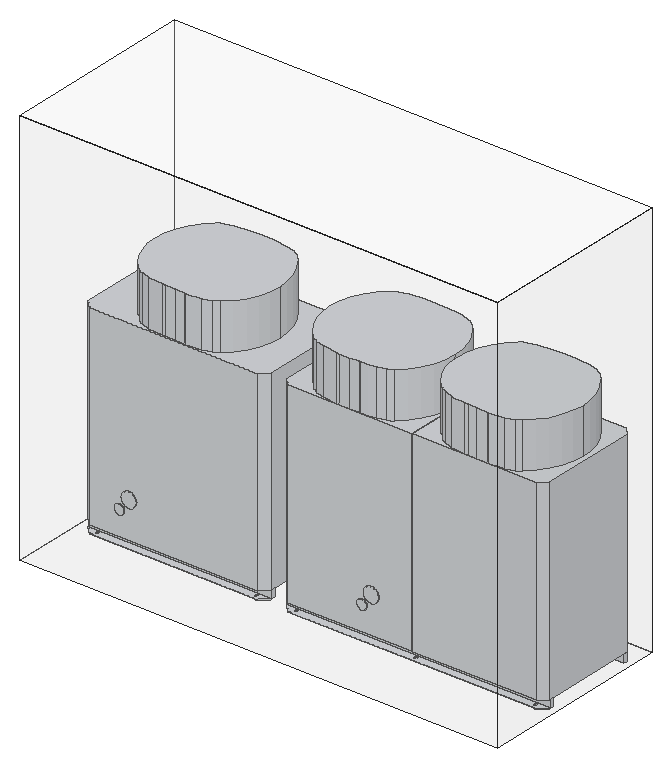
Revit family "pury-sep224_500(s)dmg9_50Hz", category 機械設備, Revit 2019 (continued)
Definition of nested family "筐体モジュール（R2高効率）"
  Dimensions and locks
    aligned and locked: plane 12 "本体下部" to Extrusion 9
    aligned and locked: plane 12 "本体下部" to Extrusion 10
    aligned and locked: Extrusion 9 to Extrusion 10
    aligned and locked: Extrusion 9 to Extrusion 8
    aligned and locked: plane 23 "冷媒操作弁ガス芯1" to Extrusion 10 sketch curve
    aligned and locked: plane 21 to Extrusion 8 sketch curve
    aligned and locked: plane 22 "冷媒操作弁液芯1" to Extrusion 9 sketch curve
    aligned and locked: plane 28 to Extrusion 10 sketch curve
    aligned and locked: plane 29 to Extrusion 9 sketch curve
    aligned and locked: plane 24 "冷媒管高さ" to Extrusion 6 sketch curve
    aligned and locked: plane 21 to Extrusion 6 sketch curve
    aligned and locked: plane 31 to Extrusion 8 sketch curve
    aligned and locked: curve 301 to Extrusion 1
    aligned and locked: curve 302 to Extrusion 1
    aligned and locked: curve 303 to Extrusion 1
    aligned and locked: curve 304 to Extrusion 1
    aligned and locked: curve 305 to Extrusion 1
    aligned and locked: curve 306 to Extrusion 1
    aligned and locked: curve 307 to Extrusion 1
    aligned and locked: curve 308 to Extrusion 1
    aligned and locked: curve 309 to Extrusion 7
    aligned and locked: curve 310 to Extrusion 7
    aligned and locked: curve 311 to Extrusion 7
    aligned and locked: curve 312 to Extrusion 7
    aligned and locked: curve 313 to Extrusion 7
    aligned and locked: curve 314 to Extrusion 7
    aligned and locked: curve 315 to Extrusion 7
    aligned and locked: curve 316 to Extrusion 7
    aligned and locked: curve 317 to Extrusion 7
    aligned and locked: curve 318 to Extrusion 7
    aligned and locked: curve 319 to Extrusion 7
    aligned and locked: curve 320 to Extrusion 7
    aligned and locked: curve 321 to Extrusion 7
    aligned and locked: curve 322 to Extrusion 7
    aligned and locked: curve 323 to Extrusion 7
    aligned and locked: curve 324 to Extrusion 7
    aligned and locked: curve 325 to Extrusion 7
    aligned and locked: curve 326 to Extrusion 7
    aligned and locked: curve 327 to Extrusion 7
    aligned and locked: curve 328 to Extrusion 7
    aligned and locked: curve 329 to Extrusion 7
    aligned and locked: curve 330 to Extrusion 7
    aligned and locked: plane 17 to nested 1
    aligned and locked: nested 1 to plane 18
    aligned and locked: nested 1 to plane 16
    aligned and locked: nested 1 to plane 19
    aligned and locked: Masking region 1 sketch curve to curve 301
    aligned and locked: Masking region 1 sketch curve to curve 302
    aligned and locked: Masking region 1 sketch curve to curve 303
    aligned and locked: Masking region 1 sketch curve to curve 304
    aligned and locked: Masking region 1 sketch curve to curve 305
    aligned and locked: Masking region 1 sketch curve to curve 306
    aligned and locked: Masking region 1 sketch curve to curve 307
    aligned and locked: Masking region 1 sketch curve to curve 308
  Automatic sketch dimensions
    Extrusion 1 sketch curve to plane 7 = 0 mm
    plane 6 to Extrusion 1 sketch curve = 0 mm
    plane 4 to Extrusion 1 sketch curve = 0 mm
    Extrusion 1 sketch curve to plane 5 = 0 mm
    plane 10 to Extrusion 1 sketch curve = 5.843 mm  (x2)
    plane 14 to Extrusion 1 sketch curve = 5.843 mm  (x2)
    Extrusion 3 sketch curve to plane 7 = 0 mm
    Extrusion 3 sketch curve to plane 5 = 0 mm
    Extrusion 3 sketch curve to plane 14 = 0 mm
    Extrusion 3 sketch curve to plane 15 = 0 mm
    Extrusion 4 sketch curve to plane 7 = 0 mm
    plane 6 to Extrusion 4 sketch curve = 0 mm
    Extrusion 4 sketch curve to plane 17 = 0 mm
    Extrusion 4 sketch curve to plane 18 = 0 mm
    Extrusion 4 sketch curve to plane 5 = 0 mm
    Extrusion 4 sketch curve to plane 14 = 0 mm
    Extrusion 4 sketch curve to plane 16 = 3 mm  (x2)
    plane 17 to Extrusion 4 sketch curve = 7 mm
    Extrusion 4 sketch curve to plane 18 = 7 mm
    plane 16 to Extrusion 4 sketch curve = 3 mm  (x2)
    Extrusion 5 sketch curve to plane 7 = 0 mm
    plane 4 to Extrusion 5 sketch curve = 0 mm
    Extrusion 5 sketch curve to plane 17 = 0 mm
    Extrusion 5 sketch curve to plane 18 = 0 mm
    Extrusion 5 sketch curve to plane 5 = 0 mm
    plane 10 to Extrusion 5 sketch curve = 0 mm
    plane 19 to Extrusion 5 sketch curve = 3 mm  (x2)
    Extrusion 5 sketch curve to plane 17 = 7 mm
    plane 18 to Extrusion 5 sketch curve = 7 mm
    Extrusion 5 sketch curve to plane 19 = 3 mm  (x2)
    plane 10 to Extrusion 5 sketch curve = 5.843 mm  (x2)
    Extrusion 1 sketch curve to plane 17 = 28.343 mm  (x2)
    Extrusion 5 sketch curve to plane 17 = 28.343 mm
    Extrusion 1 sketch curve to plane 18 = 28.343 mm  (x2)
    Extrusion 5 sketch curve to plane 18 = 28.343 mm
    Extrusion 7 sketch curve to Extrusion 7 sketch curve = 0 mm  (x3)
    plane 1 "中心(正面/背面)" to Extrusion 7 sketch curve = 0 mm  (x2)
    Extrusion 7 sketch curve to plane 3 "中心(左/右)" = 0 mm  (x3)
    Extrusion 7 sketch curve to plane 4 = 6.858 mm
    Extrusion 7 sketch curve to plane 3 "中心(左/右)" = 64.372 mm
    Extrusion 7 sketch curve to plane 3 "中心(左/右)" = 74.399 mm
    plane 6 to Extrusion 7 sketch curve = 6.633 mm
    Extrusion 7 sketch curve to plane 3 "中心(左/右)" = 79.445 mm
    Extrusion 7 sketch curve to plane 3 "中心(左/右)" = 80.998 mm  (x2)
    Extrusion 7 sketch curve to Extrusion 7 sketch curve = 64.372 mm
    plane 3 "中心(左/右)" to Extrusion 7 sketch curve = 74.399 mm
    Extrusion 7 sketch curve to Extrusion 7 sketch curve = 79.445 mm
    plane 3 "中心(左/右)" to Extrusion 7 sketch curve = 80.998 mm  (x2)
    Extrusion 7 sketch curve to Extrusion 7 sketch curve = 32.763 mm  (x4)
    Extrusion 7 sketch curve to Extrusion 7 sketch curve = 86.775 mm
    Extrusion 7 sketch curve to Extrusion 7 sketch curve = 93.374 mm  (x2)
    Extrusion 7 sketch curve to Extrusion 7 sketch curve = 91.232 mm  (x2)
    plane 1 "中心(正面/背面)" to Extrusion 7 sketch curve = 51.367 mm  (x2)
    Extrusion 7 sketch curve to plane 1 "中心(正面/背面)" = 51.367 mm  (x2)
    Extrusion 7 sketch curve to Extrusion 7 sketch curve = 53.692 mm  (x2)
    Extrusion 7 sketch curve to Extrusion 7 sketch curve = 75.129 mm
    Extrusion 7 sketch curve to Extrusion 7 sketch curve = 101.551 mm
    Extrusion 7 sketch curve to plane 4 = 6.633 mm  (x2)
    Extrusion 7 sketch curve to plane 19 = 4.226 mm  (x2)
    Extrusion 7 sketch curve to plane 16 = 4.226 mm  (x2)
    plane 14 to Extrusion 7 sketch curve = 3.106 mm
    plane 16 to Extrusion 7 sketch curve = 13.101 mm  (x2)
    plane 19 to Extrusion 7 sketch curve = 13.101 mm  (x2)
    plane 10 to Extrusion 7 sketch curve = 3.106 mm
    Extrusion 7 sketch curve to Extrusion 7 sketch curve = 101.697 mm
    Extrusion 7 sketch curve to Extrusion 7 sketch curve = 16.103 mm  (x2)
    Extrusion 7 sketch curve to plane 11 = 96.709 mm
    curve 326 to plane 3 "中心(左/右)" = 0 mm
    curve 315 to plane 3 "中心(左/右)" = 0 mm
  Nested families
    nested 1: "固定点" at (-530, -340.5, 0), visible <- "ユニット234X", type "固定点", detail levels fine
      with W 1060 mm, D 681 mm
  Definition of nested family "固定点"
    Parameters (values of type "固定点")
      中心円 = 20 mm
      W [instance] = 1000 mm
      D [instance] = 1000 mm
    Reference planes
      plane 1 "中心(正面/背面)": y = 0
      plane 2: z = 0
      plane 3 "中心(左/右)": x = 0
      plane 4: x = 1000
      plane 5: y = 1000
    Lines and regions (mm)
      symbolic lines, detail levels fine
        curve 1: circle (0, 1000, 0) r 10 normal (0, 0, 1)
        curve 2: circle (0, 0, 0) r 10 normal (0, 0, 1)
        curve 3: circle (1000, 1000, 0) r 10 normal (0, 0, 1)
        curve 4: circle (1000, 0, 0) r 10 normal (0, 0, 1)
        curve 5: line (-200, 1000, 0) -> (1200, 1000, 0)
        curve 6: line (-200, 0, 0) -> (1200, 0, 0)
        curve 7: line (0, 1200, 0) -> (0, -200, 0)
        curve 8: line (1000, 1200, 0) -> (1000, -200, 0)
    Dimensions and locks
      "W": plane 3 "中心(左/右)" to plane 4
      "D": plane 1 "中心(正面/背面)" to plane 5
      "中心円": diameter of curve 1
      "中心円": diameter of curve 2
      "中心円": diameter of curve 3
      "中心円": diameter of curve 4
      aligned and locked: level to plane 2
      aligned and locked: plane 5 to curve 1
      aligned and locked: plane 3 "中心(左/右)" to curve 1
      aligned and locked: plane 3 "中心(左/右)" to curve 2
      aligned and locked: plane 1 "中心(正面/背面)" to curve 2
      aligned and locked: plane 4 to curve 3
      aligned and locked: plane 5 to curve 3
      aligned and locked: plane 1 "中心(正面/背面)" to curve 4
      aligned and locked: plane 4 to curve 4
      aligned and locked: plane 1 "中心(正面/背面)" to curve 6
      aligned and locked: curve 7 to plane 3 "中心(左/右)"
      aligned and locked: curve 8 to plane 4
    Automatic sketch dimensions
      curve 5 to plane 5 = 0 mm
      curve 6 to plane 3 "中心(左/右)" = 200 mm
      curve 5 to plane 3 "中心(左/右)" = 200 mm
      curve 4 to curve 6 = 200 mm
      curve 3 to curve 5 = 200 mm
      plane 1 "中心(正面/背面)" to curve 8 = 200 mm
      plane 1 "中心(正面/背面)" to curve 7 = 200 mm
      curve 3 to curve 8 = 200 mm
      curve 1 to curve 7 = 200 mm
Definition of nested family "outline"
  Parameters (values of type "outline_S")
    ユニット4X [instance] = and(ユニット2, Width = 1750 mm)  # no
    ユニット2 [instance] = yes
    Width [instance] = 920 mm
    W = 920 mm
    Height [instance] = 1650 mm
    Depth [instance] = 740 mm
  Types (3, lengths in mm): name | ユニット4X | Width | W
    outline_S | no | 920 | 920
    outline_XL | yes | 1750 | 1750
    outline_L | no | 1220 | 1220
  Reference planes
    plane 1 "中心(正面/背面)": y = 0
    plane 2: z = 0
    plane 3 "中心(左/右)": x = 0
    plane 4: y = -370
    plane 5: y = 370
    plane 6: x = -460
    plane 7: z = 1347
    plane 8: z = 1650
    plane 9 "本体下部": z = 54
    plane 10: y = 370
    plane 11 "電源高さ": z = 262
    plane 12 "冷媒管高さ": z = 262
    plane 13 "冷媒操作弁ガス芯4": z = 53
    plane 14: x = 460
    plane 15: x = -875
    plane 16: x = 875
    plane 17: z = 262
  Forms (mm)
    Extrusion 1, solid, visible <- "ユニット2", detail levels coarse+medium
      sketch origin (0, 0, 0) x (1, 0, 0) y (0, 1, 0)
        loop
          line (-460, 370) -> (-460, -370) -> (460, -370) -> (460, 370) -> (-460, 370)
      from 0 to 1650
  Lines and regions (mm)
    model lines, visible <- "ユニット4X", not visible, detail levels fine
      curve 1: line (460, 178.667, 1289.179) -> (460, 297.73, 1289.179)
      curve 2: line (460, 178.667, 1056.056) -> (460, 178.667, 1289.179)
      curve 3: line (460, 297.73, 1056.056) -> (460, 178.667, 1056.056)
      curve 4: line (460, 297.73, 1289.179) -> (460, 297.73, 1056.056)
      curve 5: line (460, 47.598, 1289.179) -> (460, 166.661, 1289.179)
      curve 6: line (460, 47.598, 1056.056) -> (460, 47.598, 1289.179)
      curve 7: line (460, 166.661, 1056.056) -> (460, 47.598, 1056.056)
      curve 8: line (460, 166.661, 1289.179) -> (460, 166.661, 1056.056)
      curve 9: line (460, -83.471, 1289.179) -> (460, 35.592, 1289.179)
      curve 10: line (460, -83.471, 1056.056) -> (460, -83.471, 1289.179)
      curve 11: line (460, 35.592, 1056.056) -> (460, -83.471, 1056.056)
      curve 12: line (460, 35.592, 1289.179) -> (460, 35.592, 1056.056)
      curve 13: line (460, -150.779, 1289.179) -> (460, -95.75, 1289.179)
      curve 14: line (460, -150.779, 1056.056) -> (460, -150.779, 1289.179)
      curve 15: line (460, -95.75, 1056.056) -> (460, -150.779, 1056.056)
      curve 16: line (460, -95.75, 1289.179) -> (460, -95.75, 1056.056)
      curve 17: line (460, -150.779, 1283.175) -> (460, -132.596, 1283.175)
      curve 18: line (460, -150.779, 1062.059) -> (460, -150.779, 1283.175)
      curve 19: line (460, -132.596, 1062.059) -> (460, -150.779, 1062.059)
      curve 20: line (460, -132.596, 1283.175) -> (460, -132.596, 1062.059)
      curve 21: line (460, 178.667, 1046.051) -> (460, 297.73, 1046.051)
      curve 22: line (460, 178.667, 812.928) -> (460, 178.667, 1046.051)
      curve 23: line (460, 297.73, 812.928) -> (460, 178.667, 812.928)
      curve 24: line (460, 297.73, 1046.051) -> (460, 297.73, 812.928)
      curve 25: line (460, 47.598, 1046.051) -> (460, 166.661, 1046.051)
      curve 26: line (460, 47.598, 812.928) -> (460, 47.598, 1046.051)
      curve 27: line (460, 166.661, 812.928) -> (460, 47.598, 812.928)
      curve 28: line (460, 166.661, 1046.051) -> (460, 166.661, 812.928)
      curve 29: line (460, -83.471, 1046.051) -> (460, 35.592, 1046.051)
      curve 30: line (460, -83.471, 812.928) -> (460, -83.471, 1046.051)
      curve 31: line (460, 35.592, 812.928) -> (460, -83.471, 812.928)
      curve 32: line (460, 35.592, 1046.051) -> (460, 35.592, 812.928)
      curve 33: line (460, -150.779, 1046.051) -> (460, -95.75, 1046.051)
      curve 34: line (460, -150.779, 812.928) -> (460, -150.779, 1046.051)
      curve 35: line (460, -95.75, 812.928) -> (460, -150.779, 812.928)
      curve 36: line (460, -95.75, 1046.051) -> (460, -95.75, 812.928)
      curve 37: line (460, -150.779, 1040.048) -> (460, -132.596, 1040.048)
      curve 38: line (460, -150.779, 818.931) -> (460, -150.779, 1040.048)
      curve 39: line (460, -132.596, 818.931) -> (460, -150.779, 818.931)
      curve 40: line (460, -132.596, 1040.048) -> (460, -132.596, 818.931)
      curve 41: line (460, 178.667, 802.923) -> (460, 297.73, 802.923)
      curve 42: line (460, 178.667, 569.8) -> (460, 178.667, 802.923)
      curve 43: line (460, 297.73, 569.8) -> (460, 178.667, 569.8)
      curve 44: line (460, 297.73, 802.923) -> (460, 297.73, 569.8)
      curve 45: line (460, 47.598, 802.923) -> (460, 166.661, 802.923)
      curve 46: line (460, 47.598, 569.8) -> (460, 47.598, 802.923)
      curve 47: line (460, 166.661, 569.8) -> (460, 47.598, 569.8)
      curve 48: line (460, 166.661, 802.923) -> (460, 166.661, 569.8)
      curve 49: line (460, -83.471, 802.923) -> (460, 35.592, 802.923)
      curve 50: line (460, -83.471, 569.8) -> (460, -83.471, 802.923)
      curve 51: line (460, 35.592, 569.8) -> (460, -83.471, 569.8)
      curve 52: line (460, 35.592, 802.923) -> (460, 35.592, 569.8)
      curve 53: line (460, -150.779, 802.923) -> (460, -95.75, 802.923)
      curve 54: line (460, -150.779, 569.8) -> (460, -150.779, 802.923)
      curve 55: line (460, -95.75, 569.8) -> (460, -150.779, 569.8)
      curve 56: line (460, -95.75, 802.923) -> (460, -95.75, 569.8)
      curve 57: line (460, -150.779, 796.92) -> (460, -132.596, 796.92)
      curve 58: line (460, -150.779, 575.803) -> (460, -150.779, 796.92)
      curve 59: line (460, -132.596, 575.803) -> (460, -150.779, 575.803)
      curve 60: line (460, -132.596, 796.92) -> (460, -132.596, 575.803)
      curve 61: line (460, 178.667, 559.795) -> (460, 297.73, 559.795)
      curve 62: line (460, 178.667, 326.672) -> (460, 178.667, 559.795)
      curve 63: line (460, 297.73, 326.672) -> (460, 178.667, 326.672)
      curve 64: line (460, 297.73, 559.795) -> (460, 297.73, 326.672)
      curve 65: line (460, 47.598, 559.795) -> (460, 166.661, 559.795)
      curve 66: line (460, 47.598, 326.672) -> (460, 47.598, 559.795)
      curve 67: line (460, 166.661, 326.672) -> (460, 47.598, 326.672)
      curve 68: line (460, 166.661, 559.795) -> (460, 166.661, 326.672)
      curve 69: line (460, -83.471, 559.795) -> (460, 35.592, 559.795)
      curve 70: line (460, -83.471, 326.672) -> (460, -83.471, 559.795)
      curve 71: line (460, 35.592, 326.672) -> (460, -83.471, 326.672)
      curve 72: line (460, 35.592, 559.795) -> (460, 35.592, 326.672)
      curve 73: line (460, -150.779, 559.795) -> (460, -95.75, 559.795)
      curve 74: line (460, -150.779, 326.672) -> (460, -150.779, 559.795)
      curve 75: line (460, -95.75, 326.672) -> (460, -150.779, 326.672)
      curve 76: line (460, -95.75, 559.795) -> (460, -95.75, 326.672)
      curve 77: line (460, -150.779, 553.792) -> (460, -132.596, 553.792)
      curve 78: line (460, -150.779, 332.675) -> (460, -150.779, 553.792)
      curve 79: line (460, -132.596, 332.675) -> (460, -150.779, 332.675)
      curve 80: line (460, -132.596, 553.792) -> (460, -132.596, 332.675)
      curve 81: line (460, 178.667, 316.667) -> (460, 297.73, 316.667)
      curve 82: line (460, 178.667, 83.544) -> (460, 178.667, 316.667)
      curve 83: line (460, 297.73, 83.544) -> (460, 178.667, 83.544)
      curve 84: line (460, 297.73, 316.667) -> (460, 297.73, 83.544)
      curve 85: line (460, 47.598, 316.667) -> (460, 166.661, 316.667)
      curve 86: line (460, 47.598, 83.544) -> (460, 47.598, 316.667)
      curve 87: line (460, 166.661, 83.544) -> (460, 47.598, 83.544)
      curve 88: line (460, 166.661, 316.667) -> (460, 166.661, 83.544)
      curve 89: line (460, -83.471, 316.667) -> (460, 35.592, 316.667)
      curve 90: line (460, -83.471, 83.544) -> (460, -83.471, 316.667)
      curve 91: line (460, 35.592, 83.544) -> (460, -83.471, 83.544)
      curve 92: line (460, 35.592, 316.667) -> (460, 35.592, 83.544)
      curve 93: line (460, -150.779, 316.667) -> (460, -95.75, 316.667)
      curve 94: line (460, -150.779, 83.544) -> (460, -150.779, 316.667)
      curve 95: line (460, -95.75, 83.544) -> (460, -150.779, 83.544)
      curve 96: line (460, -95.75, 316.667) -> (460, -95.75, 83.544)
      curve 97: line (460, -150.779, 310.664) -> (460, -132.596, 310.664)
      curve 98: line (460, -150.779, 89.547) -> (460, -150.779, 310.664)
      curve 99: line (460, -132.596, 89.547) -> (460, -150.779, 89.547)
      curve 100: line (460, -132.596, 310.664) -> (460, -132.596, 89.547)
  Dimensions and locks
    "Depth": plane 4 to plane 5
    equal spacing: plane 4, plane 1 "中心(正面/背面)", plane 5
    "W": plane 6 to plane 14
    locked: plane 9 "本体下部" to plane 2 at 54
    plane 4 to plane 10 = 740 mm
    plane 11 "電源高さ" to level = 262 mm
    plane 8 to plane 7 = 303 mm
    plane 7 to plane 2 = 1347 mm
    "Height": plane 8 to plane 2
    level to plane 12 "冷媒管高さ" = 262 mm
    locked: plane 9 "本体下部" to plane 13 "冷媒操作弁ガス芯4" at 1
    equal spacing: plane 6, plane 3 "中心(左/右)", plane 14
    plane 17 to level = 262 mm
  Automatic sketch dimensions
    plane 4 to Extrusion 1 sketch curve = 0 mm
    Extrusion 1 sketch curve to plane 6 = 0 mm
    Extrusion 1 sketch curve to plane 14 = 0 mm
    plane 5 to Extrusion 1 sketch curve = 0 mm
Types (14, lengths in mm): name | 風量（m3／min） | 風量 | 音響パワーレベル(dB) | 電源位置2X（ユニット3） | 電源位置2X（ユニット2） | 電源位置2X（ユニット1） | 電源位置1X（ユニット3） | 電源位置1X（ユニット2） | 電源位置1X（ユニット1） | 電動機出力_送風機 | 電動機出力_圧縮機 | 質量 | 製品質量 | 消費電力_暖房 | 消費電力_冷房 | 消費電力 | 最小電線太さ_mm2 | 最大電流値 | 暖房能力 | 推奨ブレーカー容量 | 冷房能力 | 冷媒管（液）位置1 (ユニット3） | 冷媒管（液）位置1 (ユニット1) | 冷媒管（液）位置1 (ユニット2） | 冷媒管径符号 | 冷媒管位置1 (ユニット2) | 冷媒管位置1 (ユニット3) | 冷媒管位置1 (ユニット1) | 冷媒液管径3 | 冷媒液管径2 | 冷媒液管径 | 冷媒ガス管径3 | 冷媒ガス管径2 | 冷媒ガス管径 | ユニット隙間 | ユニット数 | ユニットタイプ3 | ユニットタイプ2 | ユニットタイプ1 | ユニット2 | モデル | サービススペース_タイプA | アンカーボルト位置X（ユニット3） | アンカーボルト位置X（ユニット2） | アンカーボルト位置X（ユニット1） | Width3 | Width2 | Width1 | Width | URL | OUTLINE2 | OUTLINE1 | MAX風量 | Clearance Right | Clearance Left | Clearance Back
  PURY-SEP224DMG9_タイプA | 200 | 12000.0 m³/h | 79.5 | 227 | 227 | 227 | 251 | 251 | 251 | 0.92 kW | 4.3 kW | 284.40 kg | 237.00 kg | 6.07 kW | 6.02 kW | 6.07 kW | 22 | 43.2 A | 25 kW | 50 A | 22.4 kW | 244 | 244 | 244 | "De" | 314 | 314 | 314 | 15.88 | 15.88 | 15.88 | 19.05 | 19.05 | 19.05 | 30 | 1 | 筐体モジュール（R2高効率） : 224筐体 | 筐体モジュール（R2高効率） : 224筐体 | 筐体モジュール（R2高効率） : 224筐体 | no | "PURY-SEP224DMG9" | yes | 1060 | 1060 | 1060 | 1220 | 1220 | 1220 | 1220 | "https://www.mitsubishielectric.co.jp/ldg/wink/qr/002/331954/" | outline : outline_L | outline : outline_L | 12000.0 m³/h | 15 | 15 | 300
  PURY-SEP280SDMG9_タイプA | 370 | 22200.0 m³/h | 83 | 177 | 177 | 177 | 201 | 201 | 201 | 1.84 kW | 5.6 kW | 475.20 kg | 396.00 kg | 8.4 kW | 8.5 kW | 8.5 kW | 38 | 61.3 A | 31.5 kW | 75 A | 28 kW | 194 | 194 | 194 | "Ef" | 264 | 264 | 264 | 15.88 | 15.88 | 15.88 | 19.05 | 19.05 | 19.05 | 30 | 2 | 筐体モジュール（R2高効率） : 140筐体 | 筐体モジュール（R2高効率） : 140筐体 | 筐体モジュール（R2高効率） : 140筐体 | yes | "PURY-SEP280SDMG9" | yes | 760 | 760 | 760 | 920 | 920 | 920 | 1870 | "https://www.mitsubishielectric.co.jp/ldg/wink/qr/002/331957/" | outline : outline_S | outline : outline_S | 22200.0 m³/h | 15 | 15 | 300
  PURY-SEP335SDMG9_タイプA | 370 | 22200.0 m³/h | 85 | 177 | 177 | 177 | 201 | 201 | 201 | 1.84 kW | 6.2 kW | 475.20 kg | 396.00 kg | 9.85 kW | 9.3 kW | 9.85 kW | 38 | 61.3 A | 37.5 kW | 75 A | 33.5 kW | 194 | 194 | 194 | "Ef" | 264 | 264 | 264 | 15.88 | 15.88 | 15.88 | 19.05 | 19.05 | 19.05 | 30 | 2 | 筐体モジュール（R2高効率） : 160筐体 | 筐体モジュール（R2高効率） : 160筐体 | 筐体モジュール（R2高効率） : 160筐体 | yes | "PURY-SEP335SDMG9" | yes | 760 | 760 | 760 | 920 | 920 | 920 | 1870 | "https://www.mitsubishielectric.co.jp/ldg/wink/qr/002/331960/" | outline : outline_S | outline : outline_S | 22200.0 m³/h | 15 | 15 | 300
  PURY-SEP400SDMG9_タイプA | 385 | 23100.0 m³/h | 84 | 227 | 177 | 227 | 251 | 201 | 251 | 1.84 kW | 7.4 kW | 523.20 kg | 436.00 kg | 11.4 kW | 11 kW | 11.4 kW | 38 | 73.8 A | 45 kW | 75 A | 40 kW | 194 | 244 | 194 | "Eg" | 264 | 314 | 314 | 15.88 | 15.88 | 15.88 | 19.05 | 19.05 | 19.05 | 30 | 2 | 筐体モジュール（R2高効率） : 224筐体 | 筐体モジュール（R2高効率） : 160筐体 | 筐体モジュール（R2高効率） : 224筐体 | yes | "PURY-SEP400SDMG9" | yes | 1060 | 760 | 1060 | 1220 | 920 | 1220 | 2170 | "https://www.mitsubishielectric.co.jp/ldg/wink/qr/002/331963/" | outline : outline_S | outline : outline_L | 23100.0 m³/h | 15 | 15 | 300
  PURY-SEP450SDMG9_タイプA | 400 | 24000.0 m³/h | 82.5 | 227 | 227 | 227 | 251 | 251 | 251 | 1.84 kW | 8.6 kW | 571.20 kg | 476.00 kg | 12 kW | 12 kW | 12 kW | 60 | 86.3 A | 50 kW | 100 A | 45 kW | 244 | 244 | 244 | "Fh" | 314 | 314 | 314 | 15.88 | 15.88 | 15.88 | 19.05 | 19.05 | 19.05 | 30 | 2 | 筐体モジュール（R2高効率） : 224筐体 | 筐体モジュール（R2高効率） : 224筐体 | 筐体モジュール（R2高効率） : 224筐体 | yes | "PURY-SEP450SDMG9" | yes | 1060 | 1060 | 1060 | 1220 | 1220 | 1220 | 2470 | "https://www.mitsubishielectric.co.jp/ldg/wink/qr/002/332091/" | outline : outline_L | outline : outline_L | 24000.0 m³/h | 15 | 15 | 300
  PURY-SEP500SDMG9_タイプA | 520 | 31200.0 m³/h | 83.5 | 516 | 227 | 516 | 541 | 251 | 541 | 2.76 kW | 10.3 kW | 664.80 kg | 554.00 kg | 14 kW | 14.7 kW | 14.7 kW | 60 | 95.5 A | 56 kW | 100 A | 50 kW | 533 | 533 | 244 | "Fh" | 314 | 603 | 603 | 19.05 | 15.88 | 19.05 | 22.20 | 19.05 | 22.20 | 30 | 2 | 筐体モジュール.（R2高効率） : 280K筐体 | 筐体モジュール（R2高効率） : 224筐体 | 筐体モジュール.（R2高効率） : 280K筐体 | yes | "PURY-SEP500SDMG9" | yes | 795 | 1060 | 795 | 1750 | 1220 | 1750 | 3000 | "https://www.mitsubishielectric.co.jp/ldg/wink/qr/002/331969/" | outline : outline_L | outline : outline_XL | 31200.0 m³/h | 15 | 15 | 300
  PURY-SEP560SDMG9_タイプA | 640 | 38400.0 m³/h | 84.5 | 516 | 516 | 516 | 541 | 541 | 541 | 3.68 kW | 12 kW | 758.40 kg | 632.00 kg | 16.8 kW | 17.5 kW | 17.5 kW | 100 | 104.7 A | 63 kW | 125 A | 56 kW | 533 | 533 | 533 | "Fh" | 603 | 603 | 603 | 19.05 | 19.05 | 19.05 | 22.20 | 22.20 | 22.20 | 30 | 2 | 筐体モジュール.（R2高効率） : 280K筐体 | 筐体モジュール.（R2高効率） : 280K筐体 | 筐体モジュール.（R2高効率） : 280K筐体 | yes | "PURY-SEP560SDMG9" | yes | 795 | 795 | 795 | 1750 | 1750 | 1750 | 3530 | "https://www.mitsubishielectric.co.jp/ldg/wink/qr/002/331972/" | outline : outline_XL | outline : outline_XL | 38400.0 m³/h | 15 | 15 | 300
  PURY-SEP224DMG9_タイプB | 200 | 12000.0 m³/h | 79.5 | 227 | 227 | 227 | 251 | 251 | 251 | 0.92 kW | 4.3 kW | 284.40 kg | 237.00 kg | 6.07 kW | 6.02 kW | 6.07 kW | 22 | 43.2 A | 25 kW | 50 A | 22.4 kW | 244 | 244 | 244 | "De" | 314 | 314 | 314 | 15.88 | 15.88 | 15.88 | 19.05 | 19.05 | 19.05 | 100 | 1 | 筐体モジュール（R2高効率） : 224筐体 | 筐体モジュール（R2高効率） : 224筐体 | 筐体モジュール（R2高効率） : 224筐体 | no | "PURY-SEP224DMG9" | no | 1060 | 1060 | 1060 | 1220 | 1220 | 1220 | 1220 | "https://www.mitsubishielectric.co.jp/ldg/wink/qr/002/331954/" | outline : outline_L | outline : outline_L | 12000.0 m³/h | 50 | 50 | 100
  PURY-SEP280SDMG9_タイプB | 370 | 22200.0 m³/h | 83 | 177 | 177 | 177 | 201 | 201 | 201 | 1.84 kW | 5.6 kW | 475.20 kg | 396.00 kg | 8.4 kW | 8.5 kW | 8.5 kW | 38 | 61.3 A | 31.5 kW | 75 A | 28 kW | 194 | 194 | 194 | "Ef" | 264 | 264 | 264 | 15.88 | 15.88 | 15.88 | 19.05 | 19.05 | 19.05 | 100 | 2 | 筐体モジュール（R2高効率） : 140筐体 | 筐体モジュール（R2高効率） : 140筐体 | 筐体モジュール（R2高効率） : 140筐体 | yes | "PURY-SEP280SDMG9" | no | 760 | 760 | 760 | 920 | 920 | 920 | 1940 | "https://www.mitsubishielectric.co.jp/ldg/wink/qr/002/331957/" | outline : outline_S | outline : outline_S | 22200.0 m³/h | 50 | 50 | 100
  PURY-SEP335SDMG9_タイプB | 370 | 22200.0 m³/h | 85 | 177 | 177 | 177 | 201 | 201 | 201 | 1.84 kW | 6.2 kW | 475.20 kg | 396.00 kg | 9.85 kW | 9.3 kW | 9.85 kW | 38 | 61.3 A | 37.5 kW | 75 A | 33.5 kW | 194 | 194 | 194 | "Ef" | 264 | 264 | 264 | 15.88 | 15.88 | 15.88 | 19.05 | 19.05 | 19.05 | 100 | 2 | 筐体モジュール（R2高効率） : 160筐体 | 筐体モジュール（R2高効率） : 160筐体 | 筐体モジュール（R2高効率） : 160筐体 | yes | "PURY-SEP335SDMG9" | no | 760 | 760 | 760 | 920 | 920 | 920 | 1940 | "https://www.mitsubishielectric.co.jp/ldg/wink/qr/002/331960/" | outline : outline_S | outline : outline_S | 22200.0 m³/h | 50 | 50 | 100
  PURY-SEP400SDMG9_タイプB | 385 | 23100.0 m³/h | 84 | 227 | 177 | 227 | 251 | 201 | 251 | 1.84 kW | 7.4 kW | 523.20 kg | 436.00 kg | 11.4 kW | 11 kW | 11.4 kW | 38 | 73.8 A | 45 kW | 75 A | 40 kW | 194 | 244 | 194 | "Eg" | 264 | 314 | 314 | 15.88 | 15.88 | 15.88 | 19.05 | 19.05 | 19.05 | 100 | 2 | 筐体モジュール（R2高効率） : 224筐体 | 筐体モジュール（R2高効率） : 160筐体 | 筐体モジュール（R2高効率） : 224筐体 | yes | "PURY-SEP400SDMG9" | no | 1060 | 760 | 1060 | 1220 | 920 | 1220 | 2240 | "https://www.mitsubishielectric.co.jp/ldg/wink/qr/002/331963/" | outline : outline_S | outline : outline_L | 23100.0 m³/h | 50 | 50 | 100
  PURY-SEP450SDMG9_タイプB | 400 | 24000.0 m³/h | 82.5 | 227 | 227 | 227 | 251 | 251 | 251 | 1.84 kW | 8.6 kW | 571.20 kg | 476.00 kg | 12 kW | 12 kW | 12 kW | 60 | 86.3 A | 50 kW | 100 A | 45 kW | 244 | 244 | 244 | "Fh" | 314 | 314 | 314 | 15.88 | 15.88 | 15.88 | 19.05 | 19.05 | 19.05 | 100 | 2 | 筐体モジュール（R2高効率） : 224筐体 | 筐体モジュール（R2高効率） : 224筐体 | 筐体モジュール（R2高効率） : 224筐体 | yes | "PURY-SEP450SDMG9" | no | 1060 | 1060 | 1060 | 1220 | 1220 | 1220 | 2540 | "https://www.mitsubishielectric.co.jp/ldg/wink/qr/002/332091/" | outline : outline_L | outline : outline_L | 24000.0 m³/h | 50 | 50 | 100
  PURY-SEP500SDMG9_タイプB | 520 | 31200.0 m³/h | 83.5 | 516 | 227 | 516 | 541 | 251 | 541 | 2.76 kW | 10.3 kW | 664.80 kg | 554.00 kg | 14 kW | 14.7 kW | 14.7 kW | 60 | 95.5 A | 56 kW | 100 A | 50 kW | 533 | 533 | 244 | "Fh" | 314 | 603 | 603 | 19.05 | 15.88 | 19.05 | 22.20 | 19.05 | 22.20 | 100 | 2 | 筐体モジュール.（R2高効率） : 280K筐体 | 筐体モジュール（R2高効率） : 224筐体 | 筐体モジュール.（R2高効率） : 280K筐体 | yes | "PURY-SEP500SDMG9" | no | 795 | 1060 | 795 | 1750 | 1220 | 1750 | 3070 | "https://www.mitsubishielectric.co.jp/ldg/wink/qr/002/331969/" | outline : outline_L | outline : outline_XL | 31200.0 m³/h | 50 | 50 | 100
  PURY-SEP560SDMG9_タイプB | 640 | 38400.0 m³/h | 84.5 | 516 | 516 | 516 | 541 | 541 | 541 | 3.68 kW | 12 kW | 758.40 kg | 632.00 kg | 16.8 kW | 17.5 kW | 17.5 kW | 100 | 104.7 A | 63 kW | 125 A | 56 kW | 533 | 533 | 533 | "Fh" | 603 | 603 | 603 | 19.05 | 19.05 | 19.05 | 22.20 | 22.20 | 22.20 | 100 | 2 | 筐体モジュール.（R2高効率） : 280K筐体 | 筐体モジュール.（R2高効率） : 280K筐体 | 筐体モジュール.（R2高効率） : 280K筐体 | yes | "PURY-SEP560SDMG9" | no | 795 | 795 | 795 | 1750 | 1750 | 1750 | 3600 | "https://www.mitsubishielectric.co.jp/ldg/wink/qr/002/331972/" | outline : outline_XL | outline : outline_XL | 38400.0 m³/h | 50 | 50 | 100
